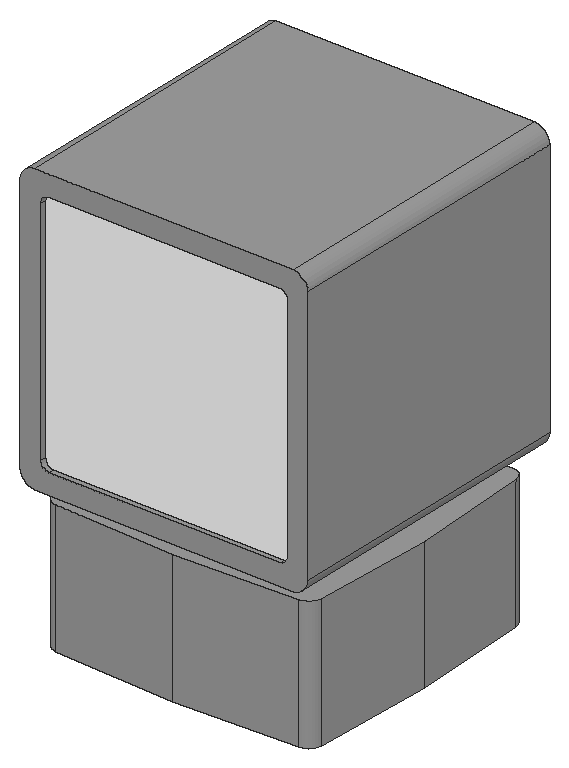
Revit family "3080091 Feilo Sylvania Lighting Fixtures INVERTO DIRECT WW 1-10V SILVER", category Lighting Fixtures, host Face, Revit 2017
Family settings
  Host = Face
  Round Connector Dimension = Use Diameter
  Part Type = Normal
  Cut with Voids When Loaded = No
  Light Source = Yes
  Shared = No
  Room Calculation Point = No
Parameters (values of type "3080091 INVERTO DIRECT WW 1-10V SILVER")
  Weight = "1.461 kg"
  Wattage Comments = "n/a"
  Wattage = 16 W
  WarrantyStartDate [instance] = "n/a"
  WarrantyGuarantorParts = "n/a"
  WarrantyDurationUnit = "n/a"
  WarrantyDurationParts = "n/a"
  WarrantyDescription = "n/a"
  built-in parameter 1150110 = 1 (stored number, unit not read)
  Voltage = 230 V
  URL = "http://www.sylvania-lighting.com"
  TypeName = "INVERTO DIRECT WW 1-10V SILVER"
  Type Image = <None>
  Type Comments = "n/a"
  built-in parameter 1114217 = 1 (stored number, unit not read)
  Tilt Angle = -90.00°
  built-in parameter 1150109 = 1 (stored number, unit not read)
  built-in parameter 1150134 = (empty or 0)
  built-in parameter 1150113 = 1 (stored number, unit not read)
  SerialNumber [instance] = "n/a"
  PowerFactor = 0
  PowerConsumption = "16 W"
  Photometric Web File = "3080091.ies"
  NominalLength = 162 mm
  NominalHeight = 110 mm
  NominalDepth = 110 mm
  Name = "INVERTO DIRECT WW 1-10V SILVER"
  ModelReference = "INVERTO DIRECT WW 1-10V SILVER"
  ModelNumber = "3080091"
  Model = "INVERTO DIRECT WW 1-10V SILVER"
  Material = "aluminium housing, glass diffuser"
  ManufacturerName = "Feilo Sylvania"
  Manufacturer = "Feilo Sylvania"
  LuminousEfficacy = "98 lm/W"
  built-in parameter 1150105 = 3145.3 (stored number, unit not read)
  Lumens = 1568 lm
  LuminaireType = ""
  built-in parameter 1150115 = 1 (stored number, unit not read)
  LightOutputRatio = "100"
  built-in parameter 1150137 = (empty or 0)
  built-in parameter 1150139 = (empty or 0)
  LampsType = Lamp  # "LED"
  LampNominalLuminous = "1566 / 1980 lm"
  LampMacAdamStep = "n/a"
  LampColourTemperature = "3000 K"
  LampColourRenderingIndex = "80"
  built-in parameter 1150112 = 1 (stored number, unit not read)
  built-in parameter 1150114 = 1 (stored number, unit not read)
  Lamp = "LED"
  Keynote = "16500"
  InstallationDate [instance] = "n/a"
  InputVoltage = "220-240V~"
  InputNominalFrequency = "50/60 Hz"
  built-in parameter 1150132 = 2
  built-in parameter 1150102 = (empty or 0)
  built-in parameter 1150107 = 3000 (stored number, unit not read)
  built-in parameter 1150138 = (empty or 0)
  IngressProtection = "IP65"
  ImpactProtectionIndex = "IK07"
  built-in parameter 1150106 = 31.453 (stored number, unit not read)
  IfcExportType = "IfcLightFixtureType"
  IfcExportAs = "IfcLightFixtureType"
  Housing material = Aluminum 1100-H14
  ExpectedLife = 50000
  Emit from Rectangle Width = 90 mm
  Emit from Rectangle Length = 90 mm
  Emit Shape Visible in Rendering = no
  ElectricShockClassification = "Class I"
  built-in parameter 1150104 = 9.1045 (stored number, unit not read)
  DurationUnit = "hours"
  DocumentationLiterature = "http://www.sylvania-lighting.com/product/en-int/products/3080091"
  DimmingControlOptions = "Dimmable"
  Dimming Lamp Color Temperature Shift = <None>
  Description = "Surface Wall mounted luminaire, wire to base with pluggable connection for easy installation,  suitable for looping, switchable driver, silver coloured aluminium housing, 1,617lm or 2,045lm, 16W or 19W, 102lm/W or 107lm/W, 3000K, 350mA or 450mA , CRI:80,  40° beam Angle, 1-10V dimmable, IP65, IK02, 50,000hrs (L70),  23.00x19.4x11.5mm."
  Default Elevation = 1219.2 mm
  CreatedOn = "17/11/2017"
  CreatedBy = ""
  Cost = 0
  Color Filter = 16777215
  built-in parameter 1114216 [instance] = (empty or 0)
  Calculate Coefficient of Utilization = no
  BarCode [instance] = "n/a"
  built-in parameter 1114218 = 1 (stored number, unit not read)
  built-in parameter 1150133 = 10 (stored number, unit not read)
  AssetType = "Fixed"
  AssetIdentifier [instance] = "n/a"
  Assembly Code = "D5020200"
  Apparent Load = 16 VA
Reference planes
  plane 1 "Center (Front/Back)": y = 0
  plane 2: z = 0
  plane 3 "Center (Left/Right)": x = 0
  plane 4: x = 51
  plane 5: x = -51
  plane 6: y = -51
  plane 7: y = 51
  plane 8: x = -55
  plane 9: x = 55
  plane 10: y = 55
  plane 11: y = -55
  plane 12: z = 48
  plane 13: z = 162
  plane 14: z = 52
  plane 15: y = -40
  plane 16: y = 40
  plane 17: x = -40
  plane 18: x = 40
  plane 19: z = 62
  plane 20: z = 152
  plane 21: x = -45
  plane 22: x = 45
  plane 23: y = 48.5
  plane 24: x = -48.5
  plane 25: x = 48.5
  plane 26: y = -48.5
  plane 27: z = 107
  plane 28: z = 159
  plane 29: x = -52
  plane 30: z = 55
  plane 31: x = 52
Forms (mm)
  Extrusion 1, solid, material "Default", detail levels medium+fine
    sketch origin (0, 0, 0) x (0, 1, 0) y (0, 0, 1)
      loop
        line (-51, 48) -> (-51, 0) -> (51, 0) -> (51, 48) -> (-51, 48)
    from -51 to 51
  Extrusion 2, solid, material "Default", detail levels medium+fine
    sketch origin (0, 0, 0) x (0, 1, 0) y (0, 0, 1)
      loop
        line (-40, 48) -> (40, 48) -> (40, 55) -> (-40, 55) -> (-40, 48)
    from -40 to 40
  Extrusion 3, void, detail levels medium+fine
    sketch origin (0, 0, 0) x (1, 0, 0) y (0, 1, 0)
      loop
        arc (-44.399, 48.906) -> (-22.224, 50.476) -> (0, 51) r 471.7
        line (0, 51) -> (-51, 51) -> (-51, 0)
        arc (-51, 0) -> (-50.476, 22.224) -> (-48.906, 44.399) r 471.7
        arc (-48.906, 44.399) -> (-47.464, 47.464) -> (-44.399, 48.906) r 5
    from 0 to 48
  Extrusion 4, void, detail levels medium+fine
    sketch origin (0, 0, 0) x (-1, 0, 0) y (0, -1, 0)
      loop
        arc (-44.399, -48.906) -> (-47.464, -47.464) -> (-48.906, -44.399) r 5
        arc (-48.906, -44.399) -> (-50.476, -22.224) -> (-51, 0) r 471.7
        line (-51, 0) -> (-51, -51) -> (0, -51)
        arc (0, -51) -> (-22.224, -50.476) -> (-44.399, -48.906) r 471.7
    from 0 to 48
  Extrusion 5, void, detail levels medium+fine
    sketch origin (0, 0, 0) x (1, 0, 0) y (0, 1, 0)
      loop
        arc (-44.399, -48.906) -> (-47.464, -47.464) -> (-48.906, -44.399) r 5
        arc (-48.906, -44.399) -> (-50.476, -22.224) -> (-51, 0) r 471.7
        line (-51, 0) -> (-51, -51) -> (0, -51)
        arc (0, -51) -> (-22.224, -50.476) -> (-44.399, -48.906) r 471.7
    from 0 to 48
  Extrusion 6, void, detail levels medium+fine
    sketch origin (0, 0, 0) x (-1, 0, 0) y (0, -1, 0)
      loop
        arc (-44.399, 48.906) -> (-22.224, 50.476) -> (0, 51) r 471.7
        line (0, 51) -> (-51, 51) -> (-51, 0)
        arc (-51, 0) -> (-50.476, 22.224) -> (-48.906, 44.399) r 471.7
        arc (-48.906, 44.399) -> (-47.464, 47.464) -> (-44.399, 48.906) r 5
    from 0 to 48
  Extrusion 7, solid, material "Default", detail levels medium+fine
    sketch origin (0, 0, 0) x (1, 0, 0) y (0, 0, 1)
      loop
        arc (-47.19, 159.531) -> (-50.806, 157.806) -> (-52.531, 154.19) r 6
        arc (-52.531, 154.19) -> (-55, 107) -> (-52.531, 59.81) r 452.167
        arc (-52.531, 59.81) -> (-50.806, 56.194) -> (-47.19, 54.469) r 6
        arc (-47.19, 54.469) -> (0, 52) -> (47.19, 54.469) r 452.167
        arc (47.19, 54.469) -> (50.806, 56.194) -> (52.531, 59.81) r 6
        arc (52.531, 59.81) -> (55, 107) -> (52.531, 154.19) r 452.167
        arc (52.531, 154.19) -> (50.806, 157.806) -> (47.19, 159.531) r 6
        arc (47.19, 159.531) -> (0, 162) -> (-47.19, 159.531) r 452.167
    from -55 to 55
  Extrusion 8, solid, material "Aluminum 1100-H14" <- "Housing material", detail levels coarse
    sketch origin (0, 0, 0) x (1, 0, 0) y (0, 0, 1)
      loop
        line (-55, 162) -> (-55, 52) -> (55, 52) -> (55, 162) -> (-55, 162)
    from -55 to 55
  Extrusion 9, void
    sketch origin (1524, -55, 1219.2) x (-1, 0, 0) y (0, 0, 1)
      loop
        line (1566, -1067.2) -> (1482, -1067.2)
        arc (1482, -1067.2) -> (1479.879, -1068.079) -> (1479, -1070.2) r 3
        line (1479, -1070.2) -> (1479, -1154.2)
        arc (1479, -1154.2) -> (1479.879, -1156.321) -> (1482, -1157.2) r 3
        line (1482, -1157.2) -> (1566, -1157.2)
        arc (1566, -1157.2) -> (1568.121, -1156.321) -> (1569, -1154.2) r 3
        line (1569, -1154.2) -> (1569, -1070.2)
        arc (1569, -1070.2) -> (1568.121, -1068.079) -> (1566, -1067.2) r 3
    from 0 to 4
  Extrusion 10, solid, material "Diffuser-Sylvania-Glow"
    sketch origin (1524, -51, 1219.2) x (1, 0, 0) y (0, 0, 1)
      loop
        line (-1566, -1157.2) -> (-1482, -1157.2)
        arc (-1482, -1157.2) -> (-1479.879, -1156.321) -> (-1479, -1154.2) r 3
        line (-1479, -1154.2) -> (-1479, -1070.2)
        arc (-1479, -1070.2) -> (-1479.879, -1068.079) -> (-1482, -1067.2) r 3
        line (-1482, -1067.2) -> (-1566, -1067.2)
        arc (-1566, -1067.2) -> (-1568.121, -1068.079) -> (-1569, -1070.2) r 3
        line (-1569, -1070.2) -> (-1569, -1154.2)
        arc (-1569, -1154.2) -> (-1568.121, -1156.321) -> (-1566, -1157.2) r 3
    from 0 to 2
  Extrusion 11, solid, material "Aluminum 1100-H14" <- "Housing material", detail levels coarse
    sketch origin (0, 0, 0) x (1, 0, 0) y (0, 1, 0)
      loop
        line (-51, 51) -> (-51, -51) -> (51, -51) -> (51, 51) -> (-51, 51)
    from 0 to 48
Cuts and joins
  Extrusion 3, Extrusion 4, Extrusion 5, Extrusion 6 cuts Extrusion 1
  Extrusion 9 cuts Extrusion 2
  Extrusion 9 cuts Extrusion 7
  joined: Extrusion 2, Extrusion 7
  Extrusion 9 cuts Extrusion 8
Dimensions and locks
  equal spacing: plane 5, plane 3 "Center (Left/Right)", plane 4
  locked: plane 5 to plane 4 at 102
  equal spacing: plane 6, plane 1 "Center (Front/Back)", plane 7
  locked: plane 6 to plane 7 at 102
  equal spacing: plane 11, plane 1 "Center (Front/Back)", plane 10
  locked: plane 11 to plane 10 at 110
  equal spacing: plane 8, plane 3 "Center (Left/Right)", plane 9
  locked: plane 8 to plane 9 at 110
  locked: plane 12 to plane 2 at 48
  locked: plane 12 to plane 14 at 4
  locked: plane 13 to plane 2 at 162
  equal spacing: plane 15, plane 1 "Center (Front/Back)", plane 16
  locked: plane 15 to plane 16 at 80
  equal spacing: plane 17, plane 3 "Center (Left/Right)", plane 18
  locked: plane 17 to plane 18 at 80
  locked: plane 19 to plane 14 at 10
  locked: plane 13 to plane 20 at 10
  locked: plane 21 to plane 8 at 10
  locked: plane 9 to plane 22 at 10
  plane 19 to plane 14 = 10 mm
  locked: plane 27 to plane 2 at 107
  locked: plane 29 to plane 8 at 3
  locked: plane 13 to plane 28 at 3
  locked: plane 9 to plane 31 at 3
  locked: plane 30 to plane 14 at 3
  aligned and locked: plane 2 to host face
  aligned and locked: level to host face
  aligned and locked: plane 12 to Extrusion 1 sketch curve
  aligned and locked: Extrusion 1 sketch curve to plane 6
  aligned and locked: level to Extrusion 1 sketch curve
  aligned and locked: plane 7 to Extrusion 1 sketch curve
  aligned and locked: plane 4 to Extrusion 1
  aligned and locked: Extrusion 1 to plane 5
  aligned and locked: plane 12 to Extrusion 2 sketch curve
  aligned and locked: plane 15 to Extrusion 2 sketch curve
  aligned and locked: Extrusion 2 sketch curve to plane 16
  aligned and locked: Extrusion 3 sketch curve to Extrusion 1
  aligned and locked: Extrusion 3 to level
  aligned and locked: Extrusion 3 to plane 12
  aligned and locked: Extrusion 7 to plane 10
  aligned and locked: plane 11 to Extrusion 7
  aligned and locked: Extrusion 2 to plane 30
  aligned and locked: plane 13 to Extrusion 8 sketch curve
  aligned and locked: Extrusion 8 sketch curve to plane 14
  aligned and locked: Extrusion 8 sketch curve to plane 9
  aligned and locked: plane 11 to Extrusion 8
  aligned and locked: Extrusion 8 to plane 10
  aligned and locked: Extrusion 9 sketch curve to plane 20
  aligned and locked: plane 19 to Extrusion 9 sketch curve
  aligned and locked: plane 11 to Extrusion 9
  aligned and locked: Extrusion 9 to plane 6
  aligned and locked: Extrusion 10 to plane 6
  aligned and locked: plane 22 to Extrusion 9 sketch curve
  aligned and locked: Extrusion 9 sketch curve to plane 21
  aligned and locked: plane 21 to Extrusion 10 sketch curve
  aligned and locked: Extrusion 10 sketch curve to plane 22
  aligned and locked: plane 7 to Extrusion 11 sketch curve
  aligned and locked: plane 5 to Extrusion 11 sketch curve
  aligned and locked: Extrusion 11 sketch curve to plane 6
  aligned and locked: Extrusion 11 sketch curve to plane 4
  aligned and locked: Extrusion 11 to level
  aligned and locked: Extrusion 11 to plane 12
  aligned and locked: imposter light to Extrusion 10
  aligned and locked: imposter light to plane 27
Automatic sketch dimensions
  host sketch curve to host sketch curve = 2438.4 mm  (x2)
  Extrusion 3 sketch curve to plane 3 "Center (Left/Right)" = 0 mm
  plane 1 "Center (Front/Back)" to Extrusion 3 sketch curve = 0 mm
  plane 7 to Extrusion 3 sketch curve = 0 mm
  plane 21 to Extrusion 3 sketch curve = 1.072 mm
  plane 9 to Extrusion 3 sketch curve = 365.7 mm
  plane 11 to Extrusion 3 sketch curve = 365.7 mm
  Extrusion 3 sketch curve to plane 16 = 3.928 mm
  Extrusion 3 sketch curve to Extrusion 3 sketch curve = 0 mm
  plane 1 "Center (Front/Back)" to Extrusion 4 sketch curve = 0 mm
  Extrusion 4 sketch curve to plane 4 = 0 mm
  Extrusion 4 sketch curve to plane 3 "Center (Left/Right)" = 0 mm
  plane 7 to Extrusion 4 sketch curve = 0 mm
  plane 22 to Extrusion 4 sketch curve = 1.072 mm
  plane 8 to Extrusion 4 sketch curve = 365.7 mm
  Extrusion 4 sketch curve to plane 11 = 365.7 mm
  plane 16 to Extrusion 4 sketch curve = 3.928 mm
  Extrusion 4 sketch curve to Extrusion 4 sketch curve = 0 mm
  plane 1 "Center (Front/Back)" to Extrusion 5 sketch curve = 0 mm
  Extrusion 5 sketch curve to plane 5 = 0 mm
  Extrusion 5 sketch curve to plane 3 "Center (Left/Right)" = 0 mm
  plane 6 to Extrusion 5 sketch curve = 0 mm
  Extrusion 5 sketch curve to plane 21 = 1.072 mm
  Extrusion 5 sketch curve to plane 9 = 365.7 mm
  plane 10 to Extrusion 5 sketch curve = 365.7 mm
  Extrusion 5 sketch curve to plane 15 = 3.928 mm
  Extrusion 5 sketch curve to Extrusion 5 sketch curve = 0 mm
  plane 1 "Center (Front/Back)" to Extrusion 6 sketch curve = 0 mm
  Extrusion 6 sketch curve to plane 4 = 0 mm
  Extrusion 6 sketch curve to plane 3 "Center (Left/Right)" = 0 mm
  plane 6 to Extrusion 6 sketch curve = 0 mm
  Extrusion 6 sketch curve to plane 22 = 1.072 mm
  Extrusion 6 sketch curve to plane 8 = 365.7 mm
  Extrusion 6 sketch curve to plane 10 = 365.7 mm
  plane 15 to Extrusion 6 sketch curve = 3.928 mm
  Extrusion 6 sketch curve to Extrusion 6 sketch curve = 0 mm
  Extrusion 7 sketch curve to plane 27 = 0 mm  (x2)
  Extrusion 7 sketch curve to plane 3 "Center (Left/Right)" = 0 mm  (x2)
  Extrusion 7 sketch curve to plane 8 = 342.167 mm
  Extrusion 7 sketch curve to plane 21 = 1.564 mm
  Extrusion 7 sketch curve to plane 17 = 6.564 mm
  plane 18 to Extrusion 7 sketch curve = 6.564 mm  (x2)
  plane 9 to Extrusion 7 sketch curve = 342.167 mm
  plane 19 to Extrusion 7 sketch curve = 1.564 mm  (x2)
  Extrusion 7 sketch curve to level = 290.167 mm
  Extrusion 7 sketch curve to plane 20 = 1.564 mm  (x2)
  Extrusion 7 sketch curve to plane 13 = 342.167 mm
  Extrusion 7 sketch curve to Extrusion 7 sketch curve = 0 mm  (x7)
  Extrusion 7 sketch curve to plane 29 = 0.531 mm
  Extrusion 2 sketch curve to plane 14 = 3 mm
  Extrusion 8 sketch curve to plane 8 = 0 mm
  plane 18 to Extrusion 9 sketch curve = 2 mm  (x2)
  Extrusion 9 sketch curve to plane 17 = 2 mm  (x2)
  Extrusion 10 sketch curve to plane 19 = 0 mm
  Extrusion 10 sketch curve to plane 20 = 0 mm
  Extrusion 10 sketch curve to plane 17 = 2 mm  (x2)
  plane 18 to Extrusion 10 sketch curve = 2 mm  (x2)
Connectors
  electrical at (0, 0, 0), driven by "Apparent Load"
    settings: index 1, voltage 230 V, apparent load 16 VA, apparent load phase1 0 VA, apparent load phase2 0 VA, apparent load phase3 0 VA, power factor 0, load classification "Lighting", number of poles 1, system type 30, power factor state 1, is connector primary yes, connector utility no, sub classification motor no, connector description ""
